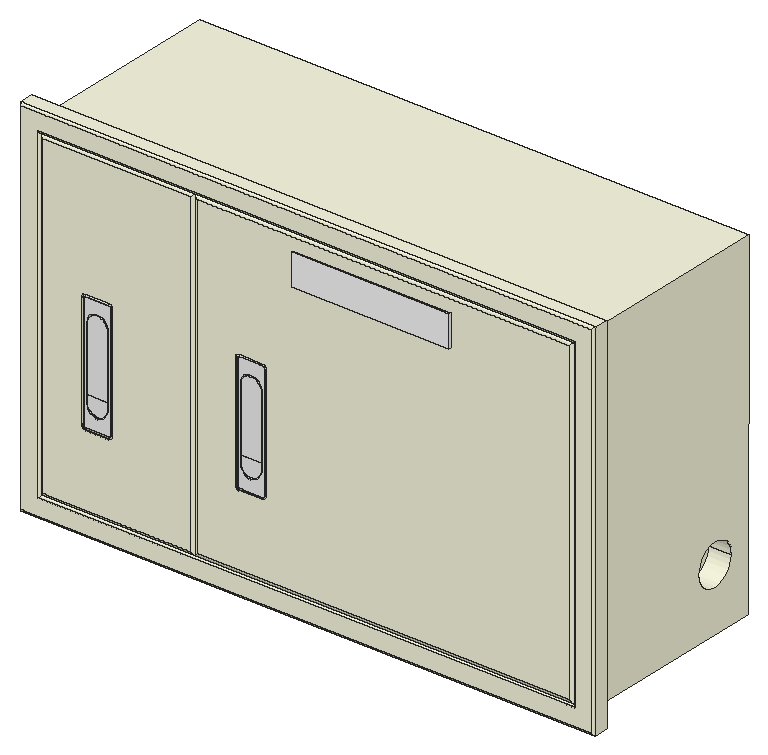
Revit family "放水型SP現地操作盤埋込", category 機械設備, Revit 2018
Family settings
  丸型コネクタ寸法 = 直径を使用
  種別 = なし
  パーツ タイプ = 標準
  OmniClass 番号 = 23.65.70.17.11
  OmniClass タイトル = Fire Fighting Terminal Components
  作業面ベース = いいえ
  常に垂直 = はい
  ロード時にボイドで切り取り = いいえ
  共有 = いいえ
  部屋計算ポイント = いいえ
Parameters (values of type "放水型SP制御盤埋込型")
  質量 = 0.00 kg
  記号 [instance] = ""
  製品出荷対象 = ""
  製品リリース年月 = ""
  製品グループ = ""
  系統 [instance] = ""
  符号 = ""
  積算_科目 = "9 消火設備"
  積算_拾い区分 [instance] = ""
  盤記号 [instance] = ""
  特殊仕様 [instance] = ""
  法定耐用年数 = ""
  材質 [instance] = ""
  形式2 = "埋込型"
  形式 = "屋内型"
  呼称 = "放水型SP制御盤埋込型"
  参照している仕様書等のバージョン = ""
  分類コード = "50903008000020"
  分類グループ = ""
  企業コード = "580077214"
  付属品 [instance] = ""
  仕様書バージョン = "Version1.0"
  コメント [instance] = ""
  Width = 550 mm
  Version = ""
  Uniclass2015Version = "Systems v1.9"
  Uniclass2015Title = "Extinguishing control panels"
  Uniclass2015Code = "Pr_75_50_33_28"
  URL = "https://www.yamatoprotec.co.jp/"
  SpecificationReference = ""
  SpecificationDescription = ""
  Revision = ""
  ProductInformation = ""
  Product data url = ""
  OmniClassCode = "23-65 70 17 11"
  製造元 = "ヤマトプロテック株式会社"
  キーノート = "283100"
  IfcTypeProduct = ""
  IfcProduct = ""
  IfcExportType = "Sprinkler"
  IfcExportAs = "IfcFireSuppressionTerminalType"
  Height = 350 mm
  Depth = 200 mm
  Author = "BIMobject"
  アセンブリ コード = "D4030900"
Reference planes
  plane 1 "中心(正面/背面)": y = 0
  plane 2: z = 0
  plane 3 "中心(左/右)": x = 0
  plane 4: x = -275
  plane 5: x = 275
  plane 6: z = 350
  plane 7: x = -255
  plane 8: x = 255
  plane 9: z = 330
  plane 10: z = 20
  plane 11: y = 200
  plane 12: x = -240
  plane 13: x = 235
  plane 14: x = -262.5
  plane 15: x = 262.5
  plane 16: z = 337.5
  plane 17: z = 12.5
Forms (mm)
  Extrusion 1, solid, material "Yamato Protec - Paint BEIGE"
    sketch origin (0, 0, 0) x (1, 0, 0) y (0, 0, 1)
      loop
        line (262.5, 337.5) -> (-262.5, 337.5) -> (-262.5, 12.5) -> (262.5, 12.5) -> (262.5, 337.5)
    from -15 to -200
  Extrusion 2, void
    sketch origin (0, 0, 0) x (1, 0, 0) y (0, 0, 1)
      loop
        line (-240, 310) -> (-240, 40) -> (235, 40) -> (235, 310) -> (-240, 310)
    from -18 to -192
  Extrusion 3, solid, material "Yamato Protec - Paint BEIGE"
    sketch origin (0, 0, 0) x (1, 0, 0) y (0, 0, 1)
      loop
        line (-255, 330) -> (-255, 20) -> (-107.5, 20) -> (-107.5, 330) -> (-255, 330)
    from -18 to 0
  Extrusion 4, solid, material "Yamato Protec - Paint BEIGE"
    sketch origin (0, 0, 0) x (1, 0, 0) y (0, 0, 1)
      loop
        line (-107.5, 20) -> (255, 20) -> (255, 330) -> (-107.5, 330) -> (-107.5, 20)
    from -18 to 0
  Sweep 5, void
    path in 3D
      loop
        line (-107.5, 0, 330) -> (-107.5, 0, 20) -> (255, 0, 20) -> (255, 0, 330) -> (-107.5, 0, 330)
    profile origin (73.75, 0, 330) x (0, -1, 0) y (0, 0, 1)
      loop
        line (0, 0) -> (-3, 0)
        arc (-3, 0) -> (-0.879, -0.879) -> (0, -3) r 3
        line (0, -3) -> (0, 0)
  Sweep 6, void
    path in 3D
      loop
        line (-255, 0, 330) -> (-255, 0, 20) -> (-107.5, 0, 20) -> (-107.5, 0, 330) -> (-255, 0, 330)
    profile origin (-181.25, 0, 330) x (0, -1, 0) y (0, 0, 1)
      loop
        line (0, 0) -> (-3, 0)
        arc (-3, 0) -> (-0.879, -0.879) -> (0, -3) r 3
        line (0, -3) -> (0, 0)
  Extrusion 7, solid, material "Yamato Protec - Paint BEIGE"
    sketch origin (0, 0, 0) x (1, 0, 0) y (0, 0, 1)
      loop
        line (275, 350) -> (-275, 350) -> (-275, 0) -> (275, 0) -> (275, 350)
      loop
        line (-255, 330) -> (-255, 20) -> (255, 20) -> (255, 330) -> (-255, 330)
    from -15 to 0
  Sweep 8, void
    path in 3D
      loop
        line (-275, 0, 350) -> (-275, 0, 0) -> (275, 0, 0) -> (275, 0, 350) -> (-275, 0, 350)
    profile origin (0, 0, 350) x (0, -1, 0) y (0, 0, 1)
      loop
        line (0, 0) -> (-2, 0)
        arc (-2, 0) -> (-0.586, -0.586) -> (0, -2) r 2
        line (0, -2) -> (0, 0)
  Sweep 9, void
    path in 3D
      loop
        line (255, 0, 330) -> (255, 0, 20) -> (-255, 0, 20) -> (-255, 0, 330) -> (255, 0, 330)
    profile origin (0, 0, 330) x (0, -1, 0) y (0, 0, -1)
      loop
        line (0, 0) -> (-2, 0)
        arc (-2, 0) -> (-0.586, -0.586) -> (0, -2) r 2
        line (0, -2) -> (0, 0)
  Extrusion 10, solid, material "Yamato Protec - Paint WHITE"
    sketch origin (0, 0, 0) x (1, 0, 0) y (0, 0, 1)
      loop
        line (137.5, 315) -> (-12.5, 315) -> (-12.5, 285) -> (137.5, 285) -> (137.5, 315)
    from 0 to 2
  Extrusion 11, void
    sketch origin (0, 0, 0) x (1, 0, 0) y (0, 0, 1)
      loop
        arc (-64, 208.5) -> (-66.962, 207.188) -> (-67.981, 204.112) r 4
        line (-67.981, 204.112) -> (-67.981, 95.508)
        arc (-67.981, 95.508) -> (-66.802, 92.66) -> (-63.954, 91.48) r 4.027
        line (-63.954, 91.48) -> (-42, 91.5)
        arc (-42, 91.5) -> (-39.172, 92.672) -> (-38, 95.5) r 4
        line (-38, 95.5) -> (-38, 204.5)
        arc (-38, 204.5) -> (-39.172, 207.328) -> (-42, 208.5) r 4
        line (-42, 208.5) -> (-64, 208.5)
      loop
        arc (-211, 208.5) -> (-213.828, 207.326) -> (-215, 204.498) r 4
        line (-215, 204.498) -> (-215, 95.499)
        arc (-215, 95.499) -> (-213.828, 92.67) -> (-211, 91.5) r 4
        line (-211, 91.5) -> (-189, 91.5)
        arc (-189, 91.5) -> (-186.172, 92.672) -> (-185, 95.5) r 4
        line (-185, 95.5) -> (-185, 204.5)
        arc (-185, 204.5) -> (-186.172, 207.328) -> (-189, 208.5) r 4
        line (-189, 208.5) -> (-211, 208.5)
    from 0 to -10
  Extrusion 12, solid, material "Yamato Protec - Aluminum"
    sketch origin (0, 0, 0) x (1, 0, 0) y (0, 0, 1)
      loop
        arc (-53.008, 194.998) -> (-60.072, 192.072) -> (-62.998, 185.008) r 9.99
        line (-62.998, 185.008) -> (-63.002, 114.988)
        arc (-63.002, 114.988) -> (-60.072, 107.924) -> (-53.008, 104.998) r 9.99
        arc (-53.008, 104.998) -> (-45.936, 107.919) -> (-43.005, 114.988) r 9.99
        line (-43.005, 114.988) -> (-43.002, 185.008)
        arc (-43.002, 185.008) -> (-45.936, 192.077) -> (-53.008, 194.998) r 9.99
      loop
        arc (-64, 206.5) -> (-65.414, 205.914) -> (-66, 204.5) r 2
        line (-66, 204.5) -> (-66, 95.5)
        arc (-66, 95.5) -> (-65.414, 94.086) -> (-64, 93.5) r 2
        line (-64, 93.5) -> (-42, 93.5)
        arc (-42, 93.5) -> (-40.586, 94.086) -> (-40, 95.5) r 2
        line (-40, 95.5) -> (-40, 204.5)
        arc (-40, 204.5) -> (-40.586, 205.914) -> (-42, 206.5) r 2
        line (-42, 206.5) -> (-64, 206.5)
    from 0 to -10
  Sweep 13, solid, material "Yamato Protec - Aluminum"
    path in 3D
      loop
        arc (-64, 0, 206.5) -> (-65.414, 0, 205.914) -> (-66, 0, 204.5) r 2
        line (-66, 0, 204.5) -> (-66, 0, 95.5)
        arc (-66, 0, 95.5) -> (-65.414, 0, 94.086) -> (-64, 0, 93.5) r 2
        line (-64, 0, 93.5) -> (-42, 0, 93.5)
        arc (-42, 0, 93.5) -> (-40.586, 0, 94.086) -> (-40, 0, 95.5) r 2
        line (-40, 0, 95.5) -> (-40, 0, 204.5)
        arc (-40, 0, 204.5) -> (-40.586, 0, 205.914) -> (-42, 0, 206.5) r 2
        line (-42, 0, 206.5) -> (-64, 0, 206.5)
    profile origin (-53, 0, 206.5) x (0, -1, 0) y (0, 0, 1)
      loop
        arc (-0.002, 0) -> (-0.587, 1.413) -> (-2, 1.998) r 1.998
        line (-2, 1.998) -> (-10, 1.998) -> (-10, 0) -> (-0.002, 0)
  Extrusion 14, solid, material "Yamato Protec - Aluminum"
    sketch origin (0, 0, 0) x (1, 0, 0) y (0, 0, 1)
      loop
        arc (-43.002, 183.008) -> (-52.992, 192.998) -> (-63.002, 183.008) r 9.99
        line (-63.002, 183.008) -> (-63.002, 122.998) -> (-43.002, 122.998) -> (-43.002, 183.008)
    from 0 to -2
  Extrusion 15, solid, material "Yamato Protec - Aluminum"
    sketch origin (0, 0, 0) x (1, 0, 0) y (0, 0, 1)
      loop
        arc (-62.982, 116.988) -> (-52.992, 106.998) -> (-43.002, 116.988) r 9.99
        line (-43.002, 116.988) -> (-43.002, 122.998) -> (-63.002, 122.998) -> (-62.982, 116.988)
    from 0 to -2
  Extrusion 16, solid, material "Yamato Protec - Aluminum"
    sketch origin (-146.983, 0, 0) x (1, 0, 0) y (0, 0, 1)
      loop
        arc (-43.002, 183.008) -> (-52.992, 192.998) -> (-63.002, 183.008) r 9.99
        line (-63.002, 183.008) -> (-63.002, 122.998) -> (-43.002, 122.998) -> (-43.002, 183.008)
    from 0 to -2
  Extrusion 17, solid, material "Yamato Protec - Aluminum"
    sketch origin (-146.983, 0, 0) x (1, 0, 0) y (0, 0, 1)
      loop
        arc (-62.982, 116.988) -> (-52.992, 106.998) -> (-43.002, 116.988) r 9.99
        line (-43.002, 116.988) -> (-43.002, 122.998) -> (-63.002, 122.998) -> (-62.982, 116.988)
    from 0 to -2
  Extrusion 18, solid, material "Yamato Protec - Aluminum"
    sketch origin (-147, 0, 0) x (1, 0, 0) y (0, 0, 1)
      loop
        arc (-53.008, 194.998) -> (-60.072, 192.072) -> (-62.998, 185.008) r 9.99
        line (-62.998, 185.008) -> (-63.002, 114.988)
        arc (-63.002, 114.988) -> (-60.072, 107.924) -> (-53.008, 104.998) r 9.99
        arc (-53.008, 104.998) -> (-45.936, 107.919) -> (-43.005, 114.988) r 9.99
        line (-43.005, 114.988) -> (-43.002, 185.008)
        arc (-43.002, 185.008) -> (-45.936, 192.077) -> (-53.008, 194.998) r 9.99
      loop
        arc (-64, 206.5) -> (-65.414, 205.914) -> (-66, 204.5) r 2
        line (-66, 204.5) -> (-66, 95.5)
        arc (-66, 95.5) -> (-65.414, 94.086) -> (-64, 93.5) r 2
        line (-64, 93.5) -> (-42, 93.5)
        arc (-42, 93.5) -> (-40.586, 94.086) -> (-40, 95.5) r 2
        line (-40, 95.5) -> (-40, 204.5)
        arc (-40, 204.5) -> (-40.586, 205.914) -> (-42, 206.5) r 2
        line (-42, 206.5) -> (-64, 206.5)
    from 0 to -10
  Sweep 19, solid, material "Yamato Protec - Aluminum"
    path in 3D
      loop
        arc (-211, 0, 206.5) -> (-212.414, 0, 205.914) -> (-213, 0, 204.5) r 2
        line (-213, 0, 204.5) -> (-213, 0, 95.5)
        arc (-213, 0, 95.5) -> (-212.414, 0, 94.086) -> (-211, 0, 93.5) r 2
        line (-211, 0, 93.5) -> (-189, 0, 93.5)
        arc (-189, 0, 93.5) -> (-187.586, 0, 94.086) -> (-187, 0, 95.5) r 2
        line (-187, 0, 95.5) -> (-187, 0, 204.5)
        arc (-187, 0, 204.5) -> (-187.586, 0, 205.914) -> (-189, 0, 206.5) r 2
        line (-189, 0, 206.5) -> (-211, 0, 206.5)
    profile origin (-200, 0, 206.5) x (0, -1, 0) y (0, 0, 1)
      loop
        arc (-0.002, 0) -> (-0.587, 1.413) -> (-2, 1.998) r 1.998
        line (-2, 1.998) -> (-10, 1.998) -> (-10, 0) -> (-0.002, 0)
  Extrusion 20, void
    sketch origin (0, 0, 0) x (0, 1, 0) y (0, 0, 1)
      loop
        circle (160, 72.5) r 20
    from -275 to -240
  Extrusion 21, void
    sketch origin (0, 0, 0) x (0, 1, 0) y (0, 0, -1)
      loop
        circle (160, -72.5) r 20
    from -275 to -240
Cuts and joins
  Sweep 8, Sweep 9 cuts Extrusion 7
  Sweep 5, Sweep 6, Extrusion 11 cuts Extrusion 3
  Sweep 5, Extrusion 11 cuts Extrusion 4
  Extrusion 2, Sweep 5, Sweep 6, Extrusion 20, Extrusion 21 cuts Extrusion 1
Lines and regions (mm)
  sketch lines
    curve 1: line (255, 0, 330) -> (-107.5, 0, 330)
    curve 2: line (-107.5, 0, 330) -> (-107.5, 0, 20)
    curve 3: line (-107.5, 0, 20) -> (255, 0, 20)
    curve 4: line (255, 0, 20) -> (255, 0, 330)
    curve 5: line (-107.5, 0, 330) -> (-255, 0, 330)
    curve 6: line (-255, 0, 330) -> (-255, 0, 20)
    curve 7: line (-107.5, 0, 20) -> (-107.5, 0, 330)
    curve 8: line (-255, 0, 20) -> (-107.5, 0, 20)
    curve 9: line (275, 0, 350) -> (-275, 0, 350)
    curve 10: line (-275, 0, 350) -> (-275, 0, 0)
    curve 11: line (275, 0, 0) -> (275, 0, 350)
    curve 12: line (-275, 0, 0) -> (275, 0, 0)
    curve 13: line (-255, 0, 330) -> (255, 0, 330)
    curve 14: line (255, 0, 330) -> (255, 0, 20)
    curve 15: line (255, 0, 20) -> (-255, 0, 20)
    curve 16: line (-255, 0, 20) -> (-255, 0, 330)
    curve 17: line (-42, 0, 206.5) -> (-64, 0, 206.5)
    curve 18: arc (-42, 0, 206.5) -> (-40.586, 0, 205.914) -> (-40, 0, 204.5) r 2
    curve 19: line (-40, 0, 95.5) -> (-40, 0, 204.5)
    curve 20: arc (-40, 0, 95.5) -> (-40.586, 0, 94.086) -> (-42, 0, 93.5) r 2
    curve 21: line (-64, 0, 93.5) -> (-42, 0, 93.5)
    curve 22: arc (-64, 0, 93.5) -> (-65.414, 0, 94.086) -> (-66, 0, 95.5) r 2
    curve 23: line (-66, 0, 204.5) -> (-66, 0, 95.5)
    curve 24: arc (-66, 0, 204.5) -> (-65.414, 0, 205.914) -> (-64, 0, 206.5) r 2
    curve 25: line (-189, 0, 206.5) -> (-211, 0, 206.5)
    curve 26: arc (-189, 0, 206.5) -> (-187.586, 0, 205.914) -> (-187, 0, 204.5) r 2
    curve 27: line (-187, 0, 95.5) -> (-187, 0, 204.5)
    curve 28: arc (-187, 0, 95.5) -> (-187.586, 0, 94.086) -> (-189, 0, 93.5) r 2
    curve 29: line (-211, 0, 93.5) -> (-189, 0, 93.5)
    curve 30: arc (-211, 0, 93.5) -> (-212.414, 0, 94.086) -> (-213, 0, 95.5) r 2
    curve 31: line (-213, 0, 204.5) -> (-213, 0, 95.5)
    curve 32: arc (-213, 0, 204.5) -> (-212.414, 0, 205.914) -> (-211, 0, 206.5) r 2
  model lines
    curve 33: line (82, 0, 233) -> (82, 0, 267)
    curve 34: line (171, 0, 233) -> (82, 0, 233)
    curve 35: line (82, 0, 267) -> (171, 0, 267)
    curve 36: line (171, 0, 267) -> (171, 0, 233)
    curve 37: circle (95, 0, 255) r 2 normal (0, -1, 0)
    curve 38: circle (95, 0, 255) r 3 normal (0, -1, 0)
    curve 39: circle (123, 0, 255) r 3 normal (0, -1, 0)
    curve 40: circle (123, 0, 255) r 2 normal (0, -1, 0)
    curve 41: circle (151, 0, 255) r 2.5 normal (0, -1, 0)
    curve 42: circle (151, 0, 255) r 2.5 normal (0, -1, 0)
    curve 43: circle (151, 0, 255) r 3 normal (0, -1, 0)
    curve 44: circle (151, 0, 245) r 3 normal (0, -1, 0)
    curve 45: circle (151, 0, 245) r 2.5 normal (0, -1, 0)
    curve 46: circle (123, 0, 245) r 3 normal (0, -1, 0)
    curve 47: circle (123, 0, 245) r 2 normal (0, -1, 0)
Dimensions and locks
  equal spacing: plane 5, plane 3 "中心(左/右)", plane 4
  "Width": plane 5 to plane 4
  "Height": plane 6 to level
  plane 5 to plane 8 to plane 7 to plane 4 = 20 mm, 510 mm, 20 mm
  plane 6 to plane 9 to plane 10 to level = 20 mm, 310 mm, 20 mm
  plane 11 to plane 1 "中心(正面/背面)" = 200 mm
  "Depth": plane 1 "中心(正面/背面)" to plane 11
  equal spacing: plane 15, plane 3 "中心(左/右)", plane 14
  plane 15 to plane 14 = 525 mm
  plane 16 to plane 17 to level = 325 mm, 12.5 mm
  aligned and locked: level to plane 2
  aligned and locked: plane 16 to Extrusion 1 sketch curve
  aligned and locked: Extrusion 1 sketch curve to plane 17
Automatic sketch dimensions
  Extrusion 2 sketch curve to plane 12 = 0 mm
  plane 13 to Extrusion 2 sketch curve = 0 mm
  Extrusion 2 sketch curve to plane 10 = 20 mm
  Extrusion 2 sketch curve to plane 9 = 20 mm
  Extrusion 3 sketch curve to plane 7 = 0 mm
  Extrusion 3 sketch curve to plane 10 = 0 mm
  Extrusion 3 sketch curve to plane 9 = 0 mm
  Extrusion 3 sketch curve to plane 3 "中心(左/右)" = 107.5 mm
  Extrusion 4 sketch curve to plane 9 = 0 mm
  Extrusion 4 sketch curve to plane 10 = 0 mm
  plane 8 to Extrusion 4 sketch curve = 0 mm
  Extrusion 4 sketch curve to plane 3 "中心(左/右)" = 107.5 mm
  Sweep 5 sketch curve to profile plane = 0 mm  (x2)
  profile plane to Sweep 5 sketch curve = 3 mm
  Sweep 6 sketch curve to profile plane = 0 mm  (x3)
  profile plane to Sweep 6 sketch curve = 3 mm
  Sweep 6 sketch curve to Sweep 6 sketch curve = 0 mm
  Extrusion 7 sketch curve to plane 4 = 0 mm
  Extrusion 7 sketch curve to plane 7 = 0 mm
  plane 8 to Extrusion 7 sketch curve = 0 mm
  plane 5 to Extrusion 7 sketch curve = 0 mm
  Extrusion 7 sketch curve to level = 0 mm
  Extrusion 7 sketch curve to plane 10 = 0 mm
  Extrusion 7 sketch curve to plane 9 = 0 mm
  Extrusion 7 sketch curve to plane 6 = 0 mm
  Sweep 8 sketch curve to profile plane = 0 mm  (x2)
  profile plane to Sweep 8 sketch curve = 2 mm
  profile plane to Sweep 9 sketch curve = 0 mm
  Sweep 9 sketch curve to profile plane = 0 mm
  profile plane to Sweep 9 sketch curve = 2 mm
  Extrusion 10 sketch curve to plane 3 "中心(左/右)" = 12.5 mm
  Extrusion 10 sketch curve to plane 9 = 45 mm
  plane 13 to Extrusion 10 sketch curve = 97.5 mm
  Extrusion 10 sketch curve to plane 9 = 15 mm
  plane 12 to Extrusion 11 sketch curve = 25 mm
  Extrusion 11 sketch curve to Extrusion 11 sketch curve = 4 mm  (x6)
  Extrusion 11 sketch curve to Extrusion 11 sketch curve = 22 mm  (x3)
  Extrusion 11 sketch curve to plane 3 "中心(左/右)" = 67.981 mm
  Extrusion 11 sketch curve to Extrusion 11 sketch curve = 3.981 mm
  Extrusion 11 sketch curve to Extrusion 11 sketch curve = 4.027 mm
  Extrusion 11 sketch curve to Extrusion 11 sketch curve = 21.954 mm
  Extrusion 11 sketch curve to plane 10 = 71.48 mm
  Extrusion 11 sketch curve to plane 10 = 75.499 mm
  Extrusion 11 sketch curve to Extrusion 11 sketch curve = 4.02 mm
  Extrusion 11 sketch curve to Extrusion 11 sketch curve = 0.001 mm
  Extrusion 11 sketch curve to Extrusion 11 sketch curve = 108.605 mm
  Extrusion 11 sketch curve to Extrusion 11 sketch curve = 108.999 mm
  Extrusion 11 sketch curve to Extrusion 11 sketch curve = 0.002 mm  (x2)
  Extrusion 11 sketch curve to Extrusion 11 sketch curve = 0.388 mm  (x2)
  Extrusion 11 sketch curve to Extrusion 11 sketch curve = 0 mm  (x15)
  Extrusion 12 sketch curve to plane 3 "中心(左/右)" = 64 mm  (x2)
  Extrusion 12 sketch curve to Extrusion 12 sketch curve = 10.992 mm  (x2)
  Extrusion 12 sketch curve to Extrusion 12 sketch curve = 0.013 mm  (x2)
  Extrusion 12 sketch curve to Extrusion 12 sketch curve = 11.008 mm  (x2)
  Extrusion 12 sketch curve to plane 10 = 75.5 mm
  Extrusion 12 sketch curve to Extrusion 12 sketch curve = 0 mm  (x19)
  Extrusion 12 sketch curve to Extrusion 12 sketch curve = 19.488 mm
  Extrusion 12 sketch curve to Extrusion 12 sketch curve = 70.02 mm
  Extrusion 12 sketch curve to Extrusion 12 sketch curve = 19.492 mm  (x2)
  Extrusion 12 sketch curve to Extrusion 12 sketch curve = 2 mm  (x4)
  Extrusion 12 sketch curve to Extrusion 12 sketch curve = 9.993 mm
  Extrusion 12 sketch curve to Extrusion 12 sketch curve = 0.003 mm  (x3)
  Sweep 13 sketch curve to profile plane = 0 mm
  profile plane to Sweep 13 sketch curve = 10 mm
  profile plane to Sweep 13 sketch curve = 2 mm
  profile plane to Sweep 13 sketch curve = 0.002 mm
  Extrusion 14 sketch curve to plane 3 "中心(左/右)" = 63.002 mm
  Extrusion 14 sketch curve to Extrusion 14 sketch curve = 10.01 mm
  Extrusion 14 sketch curve to Extrusion 14 sketch curve = 9.99 mm
  Extrusion 14 sketch curve to plane 10 = 102.998 mm
  Extrusion 14 sketch curve to Extrusion 14 sketch curve = 60.01 mm
  Extrusion 14 sketch curve to Extrusion 14 sketch curve = 0 mm
  Extrusion 15 sketch curve to plane 3 "中心(左/右)" = 63.002 mm
  Extrusion 15 sketch curve to Extrusion 15 sketch curve = 10.01 mm
  Extrusion 15 sketch curve to Extrusion 15 sketch curve = 9.99 mm
  Extrusion 15 sketch curve to plane 10 = 96.988 mm
  Extrusion 15 sketch curve to Extrusion 15 sketch curve = 6.01 mm
  Extrusion 15 sketch curve to Extrusion 15 sketch curve = 0 mm
  plane 12 to Extrusion 16 sketch curve = 30.015 mm
  Extrusion 16 sketch curve to Extrusion 16 sketch curve = 10.01 mm
  Extrusion 16 sketch curve to Extrusion 16 sketch curve = 9.99 mm
  Extrusion 16 sketch curve to plane 10 = 102.998 mm
  Extrusion 16 sketch curve to Extrusion 16 sketch curve = 60.01 mm
  Extrusion 16 sketch curve to Extrusion 16 sketch curve = 0 mm
  plane 12 to Extrusion 17 sketch curve = 30.015 mm
  Extrusion 17 sketch curve to Extrusion 17 sketch curve = 10.01 mm
  Extrusion 17 sketch curve to Extrusion 17 sketch curve = 9.99 mm
  Extrusion 17 sketch curve to plane 10 = 96.988 mm
  Extrusion 17 sketch curve to Extrusion 17 sketch curve = 6.01 mm
  Extrusion 17 sketch curve to Extrusion 17 sketch curve = 0 mm
  plane 12 to Extrusion 18 sketch curve = 29 mm  (x2)
  Extrusion 18 sketch curve to Extrusion 18 sketch curve = 10.992 mm  (x2)
  Extrusion 18 sketch curve to Extrusion 18 sketch curve = 0.013 mm  (x2)
  Extrusion 18 sketch curve to Extrusion 18 sketch curve = 11.008 mm  (x2)
  Extrusion 18 sketch curve to plane 10 = 75.5 mm
  Extrusion 18 sketch curve to Extrusion 18 sketch curve = 0 mm  (x19)
  Extrusion 18 sketch curve to Extrusion 18 sketch curve = 19.488 mm
  Extrusion 18 sketch curve to Extrusion 18 sketch curve = 70.02 mm
  Extrusion 18 sketch curve to Extrusion 18 sketch curve = 19.492 mm  (x2)
  Extrusion 18 sketch curve to Extrusion 18 sketch curve = 2 mm  (x4)
  Extrusion 18 sketch curve to Extrusion 18 sketch curve = 9.993 mm
  Extrusion 18 sketch curve to Extrusion 18 sketch curve = 0.003 mm  (x3)
  Sweep 19 sketch curve to profile plane = 0 mm
  profile plane to Sweep 19 sketch curve = 10 mm
  profile plane to Sweep 19 sketch curve = 2 mm
  profile plane to Sweep 19 sketch curve = 0.002 mm
  plane 3 "中心(左/右)" to curve 34 = 82 mm
  curve 34 to plane 9 = 97 mm
  plane 13 to curve 34 = 64 mm
  curve 33 to curve 33 = 34 mm
  Extrusion 21 sketch curve to plane 11 = 40 mm
  Extrusion 21 sketch curve to plane 10 = 52.5 mm
  Extrusion 1 sketch curve to plane 14 = 0 mm
  plane 15 to Extrusion 1 sketch curve = 0 mm
  radius of Extrusion 21 sketch curve = 20 mm
Connectors
  electrical at (0, 200, 175)
    settings: on cut or joined group of Extrusion 1, Extrusion 2, Sweep 5, Sweep 6, Extrusion 20, Extrusion 21, index 1, voltage 0 V, apparent load 0 VA, apparent load phase1 0 VA, apparent load phase2 0 VA, apparent load phase3 0 VA, power factor 1, load classification "電力", number of poles 1, system type 30, power factor state 1, is connector primary yes, connector utility no, sub classification motor no, connector description ""
